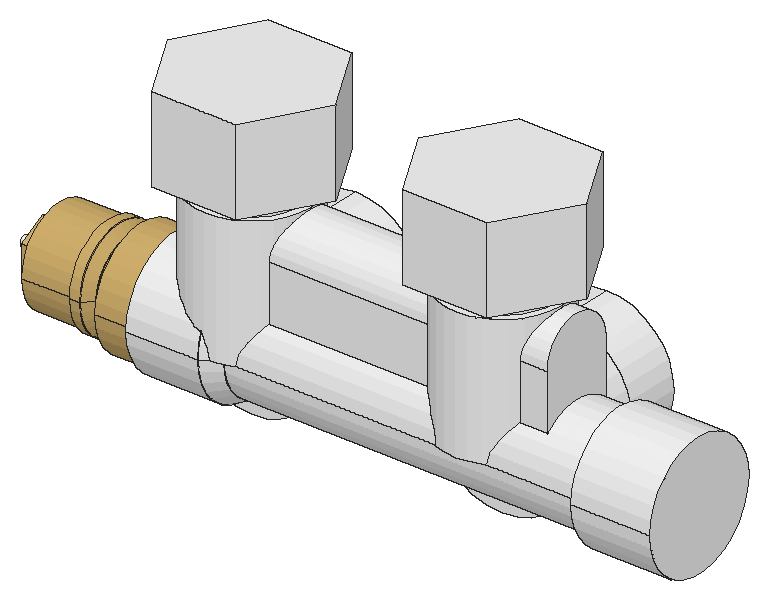
Revit family "VHS-UN_Angle_DN15-20_RFA", category Pipe Accessories, Revit 2019
Family settings
  Round Connector Dimension = Use Diameter
  Part Type = Valve - Breaks Into
  OmniClass Number = 23.65.55.14.17
  OmniClass Title = Adjusting/Controlling Valves for Liquid Services
  Work Plane-Based = No
  Always vertical = Yes
  Cut with Voids When Loaded = No
  Shared = No
Parameters (values of type "VHS-UN_Angle_DN15-20_013G4741")
  Weight = 0.77 kg
  W1 = 13.5 mm
  W2 = 26.0 mm
  W [instance] = 40.506 mm
  Valve Body Material = Danfoss Nickel Plated Brass
  URL = "https://store.danfoss.com/en/Climate-Solutions-for-heating/Radiator-Thermostats/Radiator-Valves/VHS-Valves/Presetting-VHS-valves/c/13834?q=%3Arelevance%3Adanfoss_producttypehierarchydesc%3AVHS-UN&text="
  TH1 = H0 + H2 + H3  # 47.3 mm
  TD2 = RV10 * 2  # 26.4 mm
  TD1 = R_nut * 2  # 33.5 mm
  LC2 = 0.0 mm
  LC1 = 50.0 mm
  RV10 = 13.2 mm
  RV9 = 15.0 mm
  RB1 = 11.7 mm
  RV2 = 12.5 mm
  R_nut = 16.75 mm
  RB2 = 10.3 mm
  RV8 = 1.0 mm
  RV7 = 9.5 mm
  RV6 = 10.0 mm
  RV5 = 8.0 mm
  RV4 = 11.45 mm
  RV3 = 12.25 mm
  RV1 = 10.5 mm
  LL5 = 12.0 mm
  Pressure Drop [instance] = 0.0 Pa
  L [instance] = 134.391 mm
  H4 = 17.0 mm
  Model Type = "VHS-UN_Angle_DN15-20"
  Model = "013G4741"
  Max Operating Pressure = "10 bar"  # constant formula
  Max Medium Temperature = "120 °C"  # constant formula
  Max Differential Pressure = "0.6 bar"  # constant formula
  Manufacturer = "Danfoss"  # constant formula
  L_EQ = 25.0 mm
  LOD 350 = not(LOD 200)  # yes
  LOD 200 = no
  LL4 = -0.45 mm
  LL3 = 8.1 mm
  LL2 = 22.2 mm
  LL1 = 48.4 mm
  L5_ve = -5.0 mm
  L1__ve = -L1  # -3.0 mm
  L4_ve = -L4  # -3.7 mm
  L4 = 3.7 mm
  L2_ve = -L2  # 0.0 mm
  L2 = 0.0 mm
  L3 = 3.4 mm
  L7_ve = -9.891 mm
  L6_ve = -1.5 mm
  L1 = 3.0 mm
  Kvs = 0.57 m³/h
  IfcExportType = "VHS-UN"  # constant formula
  IfcExportAs = "IfcValveType"  # constant formula
  H1 = 26.0 mm
  H6 = 3.6 mm
  H5 = 2.6 mm
  H3 = 3.3 mm
  H2 = 3.0 mm
  H0 = 41.0 mm
  H [instance] = 61.0 mm
  Flow [instance] = 0.0 m³/h
  Description = "Thermostatic H-piece Valve"  # constant formula
  DR = 15 mm
  D = 20.0 mm
  W_nut1 = R_nut * cos(30.00°)  # 14.506 mm
  W_nut2 = 5.196 mm
  LM = 25.0 mm
  HH = 46.0 mm
  Application = "2-pipe system"  # constant formula
Types (2, lengths in mm): name | Weight | Model Type | Model | DR
  VHS-UN_Angle_DN15-20_013G4741 | 0.77 kg | "VHS-UN_Angle_DN15-20" | "013G4741" | 15
  VHS-UN_Angle_DN20-20_013G4743 | 0.70 kg | "VHS-UN_Angle_DN20-20" | "013G4743" | 20
Reference planes
  plane 1 "Center (Front/Back)": y = 0
  plane 2 "XYPLANE": z = 0
  plane 3 "Center (Left/Right)": x = 0
  plane 4 "422": x = -25
  plane 5 "421": x = 25
  plane 6 "383": y = 26
  plane 7 "338": y = 0
  plane 8 "337": z = 0
  plane 9 "322": x = -66.591
  plane 10 "315": x = -66.591
  plane 11 "313": x = -63.191
  plane 12 "291": x = -40
  plane 13 "262": z = 46
  plane 14 "248": z = 47.2
  plane 15 "247": z = 43.6
  plane 16 "234": z = 42.7
  plane 17 "217": z = 46
  plane 18 "216": z = 29
  plane 19 "215": z = 26
  plane 20 "209": y = 0
  plane 21 "208": z = 0
  plane 22 "200": y = 0
  plane 23 "199": z = 0
  plane 24 "187": z = 41
  plane 25 "129": x = -37
  plane 26 "122": y = -12.5
  plane 27 "87": z = -12.5
  plane 28 "79": x = 25
  plane 29 "78": x = -70.291
  plane 30 "77": x = -25
  plane 31 "76": z = 0
  plane 32 "44": y = 0
  plane 33 "334XZ": y = 0
  plane 34 "334YZ": z = 0
  plane 35 "204XZ": y = 0
  plane 36 "204YZ": z = 0
  plane 37 "198XZ": y = 0
  plane 38 "198YZ": z = 0
  plane 39: y = -29
  plane 40: x = 8
  plane 41: x = -8
  plane 42: x = 48.4
  plane 43: x = -22.2
  plane 44: x = -25.8
  plane 45: y = 13.5
  plane 46: z = -15
Forms (mm)
  Extrusion 1, solid, material "Danfoss Nickel Plated Brass" <- "Valve Body Material", detail levels fine
    sketch origin (750, 18, 0) x (-1, 0, 0) y (0, 0, 1)
      loop
        circle (725, 0) r 15
    from -4.5 to -18
  Extrusion 2, solid, material "Danfoss Nickel Plated Brass" <- "Valve Body Material", detail levels fine
    sketch origin (750, 26, 0) x (-1, 0, 0) y (0, 0, 1)
      loop
        circle (725, 0) r 13.2
    from 0 to -12.5
  Extrusion 3, solid, material "Danfoss Nickel Plated Brass" <- "Valve Body Material", detail levels fine
    sketch origin (750, 18, 0) x (-1, 0, 0) y (0, 0, 1)
      loop
        circle (775, 0) r 15
    from -4.5 to -18
  Extrusion 4, solid, material "Danfoss Nickel Plated Brass" <- "Valve Body Material", detail levels fine
    sketch origin (750, 26, 0) x (-1, 0, 0) y (0, 0, 1)
      loop
        circle (775, 0) r 13.2
    from 0 to -12.5
  Extrusion 5, solid, material "Danfoss Nickel Plated Brass" <- "Valve Body Material", detail levels fine
    sketch origin (-66.591, -750, 0) x (0, 1, 0) y (0, 0, 1)
      loop
        circle (750, 0) r 1
    from 0 to -3.7 <- "L4_ve"
  Extrusion 6, solid, material "Danfoss Brass", visible <- "LOD 350", detail levels fine
    sketch origin (-66.591, -750, 0) x (0, 1, 0) y (0, 0, 1)
      loop
        line (750, 6) -> (744.804, 3) -> (744.804, -3) -> (750, -6) -> (755.196, -3) -> (755.196, 3) -> (750, 6)
    from 3.4 to 0 <- "L2_ve"
  Extrusion 7, solid, material "Danfoss Brass", visible <- "LOD 350", detail levels fine
    sketch origin (-51.8, -750, 0) x (0, 1, 0) y (0, 0, 1)
      loop
        circle (750, 0) r 10
    from 0.522 to -1.5 <- "L6_ve"
  Blend 8, solid, material "Danfoss Brass", visible <- "LOD 350", detail levels fine
    base sketch origin (-49.8, -750, 0) x (0, 1, 0) y (0, 0, 1)
      loop
        circle (750, 0) r 8
    top sketch origin (-49.8, -750, 0) x (0, 1, 0) y (0, 0, 1)
      loop
        circle (750, 0) r 10
    from 0.15 to -1.478
  Extrusion 9, solid, material "Danfoss Brass", visible <- "LOD 350", detail levels fine
    sketch origin (-49.2, -750, 0) x (0, 1, 0) y (0, 0, 1)
      loop
        circle (750, 0) r 8
    from 2.2 to -0.45 <- "LL4"
  Extrusion 10, solid, material "Danfoss Brass", visible <- "LOD 350", detail levels fine
    sketch origin (-53.3, -750, 0) x (0, 1, 0) y (0, 0, 1)
      loop
        circle (750, 0) r 9.5
    from 0 to -9.891 <- "L7_ve"
  Extrusion 11, solid, material "Danfoss Nickel Plated Brass" <- "Valve Body Material", visible <- "LOD 350", detail levels fine
    sketch origin (-750, 0, 26) x (1, 0, 0) y (0, 1, 0)
      loop
        circle (775, 0) r 10.3
    from 0 to 3 <- "H2"
  Extrusion 12, solid, material "Danfoss Nickel Plated Brass" <- "Valve Body Material", visible <- "LOD 350", detail levels fine
    sketch origin (-750, 0, 26) x (1, 0, 0) y (0, 1, 0)
      loop
        circle (725, 0) r 10.3
    from 0 to 3 <- "H2"
  Extrusion 13, solid, material "Danfoss Brass", visible <- "LOD 350", detail levels fine
    sketch origin (-42, -750, 0) x (0, 1, 0) y (0, 0, 1)
      loop
        circle (750, 0) r 11.45
    from 2 to -5 <- "L5_ve"
  Extrusion 14, solid, material "Danfoss Nickel Plated Brass" <- "Valve Body Material", detail levels fine
    sketch origin (56, -750, 0) x (0, 1, 0) y (0, 0, 1)
      loop
        circle (750, 0) r 12.25
    from -7.6 to 8.1 <- "LL3"
  Extrusion 15, solid, material "Danfoss Nickel Plated Brass" <- "Valve Body Material", visible <- "LOD 350", detail levels fine
    sketch origin (-37, -750, 0) x (0, 1, 0) y (0, 0, 1)
      loop
        circle (750, 0) r 12.5
    from 11.2 to -3 <- "L1__ve"
  Extrusion 16, solid, material "Danfoss Nickel Plated Brass" <- "Valve Body Material", visible <- "LOD 350", detail levels fine
    sketch origin (-750, 0, 0) x (1, 0, 0) y (0, 1, 0)
      loop
        circle (775, 0) r 11.7
    from 0 to 26 <- "H1"
  Extrusion 17, solid, material "Danfoss Nickel Plated Brass" <- "Valve Body Material", visible <- "LOD 350", detail levels fine
    sketch origin (-750, 0, 29) x (1, 0, 0) y (0, 1, 0)
      loop
        line (766.625, 14.506) -> (758.25, 0) -> (766.625, -14.506) -> (783.375, -14.506) -> (791.75, 0) -> (783.375, 14.506) -> (766.625, 14.506)
    from 0 to 17 <- "H4"
  Extrusion 18, solid, material "Danfoss Nickel Plated Brass" <- "Valve Body Material", visible <- "LOD 350", detail levels fine
    sketch origin (-750, 0, 0) x (1, 0, 0) y (0, 1, 0)
      loop
        circle (725, 0) r 11.7
    from 0 to 26 <- "H1"
  Extrusion 19, solid, material "Danfoss Nickel Plated Brass" <- "Valve Body Material", visible <- "LOD 350", detail levels fine
    sketch origin (-750, 0, 29) x (1, 0, 0) y (0, 1, 0)
      loop
        line (716.625, 14.506) -> (708.25, 0) -> (716.625, -14.506) -> (733.375, -14.506) -> (741.75, 0) -> (733.375, 14.506) -> (716.625, 14.506)
    from 0 to 17 <- "H4"
  Extrusion 20, solid, material "Danfoss Nickel Plated Brass" <- "Valve Body Material", detail levels fine
    sketch origin (-37, -750, 0) x (0, 1, 0) y (0, 0, 1)
      loop
        circle (750, 0) r 10.5
    from 14.8 to 85.4
  Extrusion 21, solid, material "Danfoss Nickel Plated Brass" <- "Valve Body Material", visible <- "LOD 200", detail levels fine
    sketch origin (-750, 0, 29) x (1, 0, 0) y (0, 1, 0)
      loop
        circle (775, 0) r 16.75
      loop
        circle (725, 0) r 16.75
    from 0 to 17
  Extrusion 22, solid, material "Danfoss Nickel Plated Brass" <- "Valve Body Material", visible <- "LOD 350", detail levels fine
    sketch origin (-37, -750, 0) x (0, 1, 0) y (0, 0, 1)
      loop
        line (742.747, 0) -> (757.253, 0) -> (757.253, 18.527)
        arc (757.253, 18.527) -> (750, 25.78) -> (742.747, 18.527) r 7.253
        line (742.747, 18.527) -> (742.747, 0)
    from 12 to 76.709
  Blend 23, solid, material "Danfoss Nickel Plated Brass" <- "Valve Body Material", visible <- "LOD 350", detail levels fine
    base sketch origin (-66.591, -750, 0) x (0, 1, 0) y (0, 0, 1)
      loop
        circle (750, 0) r 10.5
    top sketch origin (-66.591, -750, 0) x (0, 1, 0) y (0, 0, 1)
      loop
        circle (750, 0) r 12.5
    from 44.391 to 40.791
  Extrusion 24, solid, material "Danfoss Nickel Plated Brass" <- "Valve Body Material", visible <- "LOD 200", detail levels fine
    sketch origin (-750, 0, 29) x (1, 0, 0) y (0, 1, 0)
      loop
        circle (725, 0) r 11.7
      loop
        circle (775, 0) r 11.7
    from -29 to 0
  Extrusion 25, solid, material "Danfoss Nickel Plated Brass" <- "Valve Body Material", visible <- "LOD 200", detail levels fine
    sketch origin (-66.591, -750, 0) x (0, 1, 0) y (0, 0, 1)
      loop
        circle (750, 0) r 12.5
    from 26.591 to 44.391
  Revolve 26, solid, material "Danfoss Brass", visible <- "LOD 200", detail levels fine
    sketch origin (0, 0, 0) x (1, 0, 0) y (0, 0, 1)
      loop
        line (-66.591, 0) -> (-40, 0) -> (-40, 11.45) -> (-47, 11.45) -> (-47, 9.5) -> (-66.591, 9.5) -> (-66.591, 0)
      axis (-66.591, 0) -> (-40, 0)
    angle from 0 to 360
Lines and regions (mm)
  reference lines, not visible
    curve 1: circle (2, 2, 0) r 1 normal (0, 0, 1)
  reference lines
    curve 2: line (-66.591, 0, 0) -> (-66.591, 2.598, -1.5)
    curve 3: line (-66.591, 0, 0) -> (-66.591, 0, -3)
    curve 4: line (-66.591, 0, 0) -> (-66.591, -2.598, -1.5)
    curve 5: line (25, 0, 29) -> (33.375, 0, 29)
    curve 6: line (25, 0, 29) -> (29.187, -7.253, 29)
    curve 7: line (25, 0, 29) -> (20.813, -7.253, 29)
    curve 8: line (-25, 0, 29) -> (-16.625, 0, 29)
    curve 9: line (-25, 0, 29) -> (-20.812, -7.253, 29)
    curve 10: line (-25, 0, 29) -> (-29.187, -7.253, 29)
Dimensions and locks
  plane 1 "Center (Front/Back)" to curve 1 = 2.0 mm
  "LC2": plane 30 "77" to plane 4 "422"
  "LC1": plane 30 "77" to plane 5 "421"
  "W2": plane 1 "Center (Front/Back)" to plane 6 "383"
  locked: plane 32 "44" to plane 7 "338"
  locked: plane 31 "76" to plane 8 "337"
  "L2": plane 10 "315" to plane 9 "322"
  "L3": plane 11 "313" to plane 10 "315"
  "L1": plane 25 "129" to plane 12 "291"
  "HH": plane 2 "XYPLANE" to plane 13 "262"
  "H6": plane 15 "247" to plane 14 "248"
  "H5": plane 24 "187" to plane 15 "247"
  "H3": plane 16 "234" to plane 17 "217"
  "H4": plane 18 "216" to plane 17 "217"
  "H2": plane 19 "215" to plane 18 "216"
  "H1": plane 31 "76" to plane 19 "215"
  locked: plane 32 "44" to plane 20 "209"
  locked: plane 31 "76" to plane 21 "208"
  locked: plane 32 "44" to plane 22 "200"
  locked: plane 31 "76" to plane 23 "199"
  "H0": plane 2 "XYPLANE" to plane 24 "187"
  "LL5": plane 30 "77" to plane 25 "129"
  "RV2": plane 1 "Center (Front/Back)" to plane 26 "122"
  "RV2": plane 2 "XYPLANE" to plane 27 "87"
  "LM": plane 3 "Center (Left/Right)" to plane 28 "79"
  "L4": plane 9 "322" to plane 29 "78"
  "LM": plane 3 "Center (Left/Right)" to plane 30 "77"
  locked: plane 2 "XYPLANE" to plane 31 "76"
  locked: plane 1 "Center (Front/Back)" to plane 32 "44"
  "W_nut2": curve 2 to Extrusion 6 sketch curve  (x2)
  "W_nut2": curve 3 to Extrusion 6 sketch curve  (x2)
  "W_nut2": curve 4 to Extrusion 6 sketch curve  (x2)
  Extrusion 6 sketch curve to Extrusion 6 sketch curve = 0.0 mm  (x12)
  "W_nut1": curve 5 to Extrusion 17 sketch curve  (x2)
  "W_nut1": curve 6 to Extrusion 17 sketch curve  (x2)
  "W_nut1": curve 7 to Extrusion 17 sketch curve  (x2)
  Extrusion 17 sketch curve to Extrusion 17 sketch curve = 0.0 mm  (x12)
  "W_nut1": curve 8 to Extrusion 19 sketch curve  (x2)
  "W_nut1": curve 9 to Extrusion 19 sketch curve  (x2)
  "W_nut1": curve 10 to Extrusion 19 sketch curve  (x2)
  Extrusion 19 sketch curve to Extrusion 19 sketch curve = 0.0 mm  (x12)
  "W2": plane 6 "383" to plane 37 "198XZ"
  "L_EQ": plane 3 "Center (Left/Right)" to plane 28 "79"
  "L_EQ": plane 30 "77" to plane 3 "Center (Left/Right)"
  equal spacing: Extrusion 22 sketch curve, plane 37 "198XZ", Extrusion 22 sketch curve
  "LL1": plane 42 to plane 3 "Center (Left/Right)"
  "LL2": plane 3 "Center (Left/Right)" to plane 43
  locked: plane 44 to plane 43 at 3.6
  "W1": plane 45 to plane 1 "Center (Front/Back)"
  "RV4": Revolve 26 sketch curve to level
  "RV7": Revolve 26 sketch curve to level
  "RV9": level to plane 46
  "H": Extrusion 21 to plane 46
  "L": Extrusion 5 to Extrusion 14
  "W": Extrusion 4 to Extrusion 19
  "RV9": radius of Extrusion 1 sketch curve
  "RV10": radius of Extrusion 2 sketch curve
  "RV9": radius of Extrusion 3 sketch curve
  "RV10": radius of Extrusion 4 sketch curve
  "RV8": radius of Extrusion 5 sketch curve
  "RV6": radius of Extrusion 7 sketch curve
  "RV6": radius of Blend 8 sketch curve
  "RV5": radius of Blend 8 sketch curve
  "RV5": radius of Extrusion 9 sketch curve
  "RV7": radius of Extrusion 10 sketch curve
  "RB2": radius of Extrusion 11 sketch curve
  "RB2": radius of Extrusion 12 sketch curve
  "RV4": radius of Extrusion 13 sketch curve
  "RV3": radius of Extrusion 14 sketch curve
  "RV2": radius of Extrusion 15 sketch curve
  "RB1": radius of Extrusion 16 sketch curve
  "RB1": radius of Extrusion 18 sketch curve
  "RV1": radius of Extrusion 20 sketch curve
  "R_nut": radius of Extrusion 21 sketch curve  (x2)
  "RV1": radius of Blend 23 sketch curve
  "RV2": radius of Blend 23 sketch curve
  "RB1": radius of Extrusion 24 sketch curve  (x2)
  "RV2": radius of Extrusion 25 sketch curve
  locked: curve 3 to curve 2 (angle 60.00°)
  locked: curve 4 to curve 3 (angle 60.00°)
  locked: curve 4 to curve 2 (angle 120.00°)
  locked: curve 6 to curve 5 (angle 60.00°)
  locked: curve 7 to curve 6 (angle 60.00°)
  locked: curve 7 to curve 5 (angle 120.00°)
  locked: curve 9 to curve 8 (angle 60.00°)
  locked: curve 10 to curve 9 (angle 60.00°)
  locked: curve 10 to curve 8 (angle 120.00°)
  aligned and locked: level to plane 2 "XYPLANE"
  aligned and locked: Extrusion 1 sketch curve to plane 28 "79"
  aligned and locked: plane 31 "76" to Extrusion 1 sketch curve
  aligned and locked: Extrusion 2 sketch curve to plane 28 "79"
  aligned and locked: plane 31 "76" to Extrusion 2 sketch curve
  aligned and locked: Extrusion 3 sketch curve to plane 30 "77"
  aligned and locked: plane 31 "76" to Extrusion 3 sketch curve
  aligned and locked: Extrusion 4 sketch curve to plane 30 "77"
  aligned and locked: plane 31 "76" to Extrusion 4 sketch curve
  aligned and locked: plane 31 "76" to Extrusion 5 sketch curve
  aligned and locked: Extrusion 5 sketch curve to plane 32 "44"
  aligned and locked: plane 31 "76" to curve 4
  aligned and locked: curve 4 to plane 32 "44"
  aligned and locked: plane 31 "76" to Extrusion 7 sketch curve
  aligned and locked: Extrusion 7 sketch curve to plane 32 "44"
  aligned and locked: plane 31 "76" to Blend 8 sketch curve  (x2)
  aligned and locked: Blend 8 sketch curve to plane 32 "44"  (x2)
  aligned and locked: plane 31 "76" to Extrusion 9 sketch curve
  aligned and locked: Extrusion 9 sketch curve to plane 32 "44"
  aligned and locked: plane 31 "76" to Extrusion 10 sketch curve
  aligned and locked: Extrusion 10 sketch curve to plane 32 "44"
  aligned and locked: plane 28 "79" to Extrusion 11 sketch curve
  aligned and locked: plane 32 "44" to Extrusion 11 sketch curve
  aligned and locked: plane 30 "77" to Extrusion 12 sketch curve
  aligned and locked: plane 32 "44" to Extrusion 12 sketch curve
  aligned and locked: plane 31 "76" to Extrusion 13 sketch curve
  aligned and locked: Extrusion 13 sketch curve to plane 32 "44"
  aligned and locked: plane 31 "76" to Extrusion 14 sketch curve
  aligned and locked: Extrusion 14 sketch curve to plane 32 "44"
  aligned and locked: plane 31 "76" to Extrusion 15 sketch curve
  aligned and locked: Extrusion 15 sketch curve to plane 32 "44"
  aligned and locked: plane 28 "79" to Extrusion 16 sketch curve
  aligned and locked: plane 32 "44" to Extrusion 16 sketch curve
  aligned and locked: plane 28 "79" to curve 7
  aligned and locked: plane 32 "44" to curve 7
  aligned and locked: plane 30 "77" to Extrusion 18 sketch curve
  aligned and locked: plane 32 "44" to Extrusion 18 sketch curve
  aligned and locked: plane 30 "77" to curve 9
  aligned and locked: plane 32 "44" to curve 9
  aligned and locked: plane 31 "76" to Extrusion 20 sketch curve
  aligned and locked: Extrusion 20 sketch curve to plane 32 "44"
  aligned and locked: nested 1 to plane 6 "383"
  aligned and locked: plane 3 "Center (Left/Right)" to nested 1
  aligned and locked: nested 1 to level
  aligned and locked: nested 1 to plane 37 "198XZ"
  aligned and locked: Extrusion 6 to plane 11 "313"
  aligned and locked: Extrusion 6 to plane 10 "315"
  aligned and locked: Extrusion 13 to plane 12 "291"
  aligned and locked: Extrusion 9 to Extrusion 13
  aligned and locked: plane 6 "383" to Extrusion 4
  aligned and locked: Extrusion 22 sketch curve to level
  aligned and locked: Extrusion 20 to plane 42
  aligned and locked: Extrusion 20 to plane 43
  aligned and locked: Extrusion 15 to plane 44
  aligned and locked: Blend 23 to plane 44
  aligned and locked: Blend 23 to plane 43
  aligned and locked: Extrusion 14 to plane 42
  aligned and locked: Blend 8 to Extrusion 9
  aligned and locked: Blend 8 to Extrusion 7
  aligned and locked: Extrusion 10 to Extrusion 7
  aligned and locked: plane 1 "Center (Front/Back)" to Extrusion 3
  aligned and locked: Extrusion 3 to plane 45
  aligned and locked: plane 1 "Center (Front/Back)" to Extrusion 1
  aligned and locked: Extrusion 1 to plane 45
  aligned and locked: Extrusion 4 to plane 45
  aligned and locked: plane 6 "383" to Extrusion 2
  aligned and locked: Extrusion 2 to plane 45
  aligned and locked: plane 17 "217" to Extrusion 21
  aligned and locked: Extrusion 22 to plane 30 "77"
  aligned and locked: Extrusion 24 to level
  aligned and locked: plane 18 "216" to Extrusion 24
  aligned and locked: plane 1 "Center (Front/Back)" to Extrusion 25 sketch curve
  aligned and locked: level to Extrusion 25 sketch curve
  aligned and locked: Extrusion 25 to plane 12 "291"
  aligned and locked: Extrusion 25 to plane 43
  aligned and locked: level to Revolve 26 sketch curve  (x2)
  aligned and locked: Extrusion 25 to Revolve 26 sketch curve
  aligned and locked: Revolve 26 sketch curve to Extrusion 13
  aligned and locked: plane 10 "315" to Revolve 26 sketch curve
Automatic sketch dimensions
  plane 3 "Center (Left/Right)" to curve 1 = 2.0 mm
  plane 26 "122" to Extrusion 22 sketch curve = 5.247 mm
  Extrusion 22 sketch curve to plane 19 "215" = 7.473 mm
  plane 1 "Center (Front/Back)" to Extrusion 21 sketch curve = 0.0 mm  (x2)
  Extrusion 21 sketch curve to plane 4 "422" = 0.0 mm
  Extrusion 21 sketch curve to plane 5 "421" = 0.0 mm
  Blend 23 sketch curve to level = 0.0 mm  (x2)
  Blend 23 sketch curve to plane 1 "Center (Front/Back)" = 0.0 mm  (x2)
  plane 1 "Center (Front/Back)" to Extrusion 24 sketch curve = 0.0 mm  (x2)
  Extrusion 24 sketch curve to plane 4 "422" = 0.0 mm
  Extrusion 24 sketch curve to plane 5 "421" = 0.0 mm
  Revolve 26 sketch curve to plane 29 "78" = 1281.7 mm
  Revolve 26 sketch curve to plane 42 = 1850.583 mm
  radius of curve 1 = 1.0 mm
Nested families
  nested 1: "Schematic_H-piece Valve Angle" at (0, 0, 0), type "Schematic_H-piece Valve Angle", detail levels coarse+medium
Connectors
  piping at (-25, 26, 0), diameter 20, driven by "D", driven by "Flow"
    settings: on Extrusion 4, index 4, connector inside diameter 609.6 mm, connector length 0.0 mm, flow factor 0, pipe flow 0.0 m³/h, pressure drop 0.0 Pa, fitting loss kfactor 0, connector angle 0.00°, fixture units 0, engagement length 0.0 mm, angle of deflection 0.00°, flow configuration 0, flow direction 1, fitting loss method 0, system type 29, joint type 0, gender type 0, connector reference index 6, connector utility 0, adjustable connector no, is connector primary yes, connector description ""
  piping at (25, 26, 0), diameter 20, driven by "D", driven by "Flow"
    settings: on Extrusion 2, index 5, connector inside diameter 609.6 mm, connector length 0.0 mm, flow factor 0, pipe flow 0.0 m³/h, pressure drop 0.0 Pa, fitting loss kfactor 0, connector angle 0.00°, fixture units 0, engagement length 0.0 mm, angle of deflection 0.00°, flow configuration 0, flow direction 2, fitting loss method 0, system type 29, joint type 0, gender type 0, connector reference index 7, connector utility 0, adjustable connector no, is connector primary no, connector description ""
  piping at (-25, 0, 46), diameter 15, driven by "DR", driven by "Flow"
    settings: on Extrusion 19, index 6, connector inside diameter 609.6 mm, connector length 0.0 mm, flow factor 0, pipe flow 0.0 m³/h, pressure drop 0.0 Pa, fitting loss kfactor 0, connector angle 0.00°, fixture units 0, engagement length 0.0 mm, angle of deflection 0.00°, flow configuration 0, flow direction 2, fitting loss method 0, system type 29, joint type 0, gender type 0, connector reference index 4, connector utility 0, adjustable connector no, is connector primary no, connector description ""
  piping at (25, 0, 46), diameter 15, driven by "DR", driven by "Flow"
    settings: on Extrusion 17, index 7, connector inside diameter 609.6 mm, connector length 0.0 mm, flow factor 0, pipe flow 0.0 m³/h, pressure drop 0.0 Pa, fitting loss kfactor 0, connector angle 0.00°, fixture units 0, engagement length 0.0 mm, angle of deflection 0.00°, flow configuration 0, flow direction 1, fitting loss method 0, system type 29, joint type 0, gender type 0, connector reference index 5, connector utility 0, adjustable connector no, is connector primary no, connector description ""
Definition of nested family "Schematic_H-piece Valve Angle"
  Parameters (values of type "Schematic_H-piece Valve with Pressure Controller_Angle")
    W1 = 26.0 mm
    L_EQ = 25.0 mm
    L1 = D / 4  # 8.375 mm
    L = 53.0 mm
    H1 = 49.3 mm
    D2 = 26.4 mm
    D = 33.5 mm
  Reference planes
    plane 1 "Center (Front/Back)": y = 0
    plane 2: z = 0
    plane 3 "Center (Left/Right)": x = 0
    plane 4 "Centre/Right": x = 25
    plane 5 "Centre/Left": x = -25
    plane 6 "D_1": x = -41.75
    plane 7 "M1": x = 8.25
    plane 8 "D": x = 41.75
    plane 9 "M2": x = -8.25
    plane 10: z = -13.2
    plane 11: z = 49.3
    plane 12: z = 13.2
    plane 13: z = -13.2
    plane 14 "H1": x = 50.125
    plane 15 "H1_1": x = -50.125
    plane 16: y = 16.75
    plane 17: y = -16.75
    plane 18: y = 26
    plane 19 "Cente controller R": x = 53
    plane 20 "Centre Controller L": x = -53
    plane 21: y = -26
  Lines and regions (mm)
    model lines
      curve 1: line (25, 0, 0) -> (25, -16.75, 49.3)
      curve 2: line (25, -16.75, 49.3) -> (25, 16.75, 49.3)
      curve 3: line (25, 16.75, 49.3) -> (25, 0, 0)
      curve 4: line (-25, 16.75, 49.3) -> (-25, 0, 0)
      curve 5: line (-25, -16.75, 49.3) -> (-25, 16.75, 49.3)
      curve 6: line (-25, 0, 0) -> (-25, -16.75, 49.3)
      curve 7: line (25, 0, 0) -> (25, 26, 13.2)
      curve 8: line (25, 26, 13.2) -> (25, 26, -13.2)
      curve 9: line (25, 26, -13.2) -> (25, 0, 0)
      curve 10: line (-25, 0, 0) -> (-25, 26, 13.2)
      curve 11: line (-25, 26, 13.2) -> (-25, 26, -13.2)
      curve 12: line (-25, 26, -13.2) -> (-25, 0, 0)
    symbolic lines
      curve 13: line (8.25, 0, 49.3) -> (25, 0, 0)
      curve 14: line (41.75, 0, 49.3) -> (25, 0, 0)
      curve 15: line (41.75, 0, 49.3) -> (8.25, 0, 49.3)
      curve 16: line (-41.75, 0, 49.3) -> (-25, 0, 0)
      curve 17: line (-25, 0, 0) -> (-8.25, 0, 49.3)
      curve 18: line (-8.25, 0, 49.3) -> (-41.75, 0, 49.3)
      curve 19: line (-25, 0, 0) -> (-41.75, 26, 0)
      curve 20: line (-41.75, 26, 0) -> (-8.25, 26, 0)
      curve 21: line (-8.25, 26, 0) -> (-25, 0, 0)
      curve 22: line (25, 0, 0) -> (8.25, 26, 0)
      curve 23: line (8.25, 26, 0) -> (41.75, 26, 0)
      curve 24: line (41.75, 26, 0) -> (25, 0, 0)
  Dimensions and locks
    "D": plane 8 "D" to plane 7 "M1"
    equal spacing: plane 8 "D", plane 4 "Centre/Right", plane 7 "M1"
    "D": plane 9 "M2" to plane 6 "D_1"
    equal spacing: plane 9 "M2", plane 5 "Centre/Left", plane 6 "D_1"
    "L1": plane 14 "H1" to plane 8 "D"
    "L1": plane 6 "D_1" to plane 15 "H1_1"
    "D": plane 17 to plane 16
    equal spacing: plane 17, plane 1 "Center (Front/Back)", plane 16
    plane 17 to plane 16 = 33.5 mm
    "W1": plane 1 "Center (Front/Back)" to plane 18
    "D2": plane 12 to plane 13
    plane 12 to level to plane 13 = 13.2 mm, 13.2 mm
    "H1": plane 11 to level
    "D2": plane 12 to plane 10
    equal spacing: plane 12, level, plane 13
    "L": plane 19 "Cente controller R" to plane 3 "Center (Left/Right)"
    "L": plane 3 "Center (Left/Right)" to plane 20 "Centre Controller L"
    "W1": plane 21 to plane 1 "Center (Front/Back)"
    "L_EQ": plane 4 "Centre/Right" to plane 3 "Center (Left/Right)"
    "L_EQ": plane 3 "Center (Left/Right)" to plane 5 "Centre/Left"
    "L_EQ": plane 3 "Center (Left/Right)" to plane 4 "Centre/Right"
    "L_EQ": plane 5 "Centre/Left" to plane 3 "Center (Left/Right)"
    aligned and locked: level to plane 2
    aligned and locked: curve 2 to plane 11
    aligned and locked: curve 4 to curve 3
    aligned and locked: curve 5 to curve 2
    aligned and locked: curve 6 to curve 1
    aligned and locked: plane 18 to curve 8
    aligned and locked: curve 11 to plane 18
  Automatic sketch dimensions
    curve 22 to plane 4 "Centre/Right" = 0.0 mm
    curve 23 to plane 8 "D" = 0.0 mm
    curve 16 to plane 6 "D_1" = 0.0 mm
    curve 17 to plane 9 "M2" = 0.0 mm
    curve 15 to plane 8 "D" = 0.0 mm
    curve 13 to plane 7 "M1" = 0.0 mm
    curve 13 to plane 4 "Centre/Right" = 0.0 mm
    curve 14 to level = 0.0 mm
    curve 15 to plane 11 = 0.0 mm
    curve 16 to level = 0.0 mm
    curve 17 to plane 5 "Centre/Left" = 0.0 mm
    curve 16 to plane 11 = 0.0 mm
    curve 20 to plane 6 "D_1" = 0.0 mm
    curve 20 to plane 9 "M2" = 0.0 mm
    plane 1 "Center (Front/Back)" to curve 21 = 0.0 mm
    curve 21 to plane 5 "Centre/Left" = 0.0 mm
    curve 22 to plane 7 "M1" = 0.0 mm
    plane 1 "Center (Front/Back)" to curve 24 = 0.0 mm
    plane 18 to curve 21 = 0.0 mm
    plane 18 to curve 22 = 0.0 mm
    curve 11 to plane 10 = 0.0 mm
    curve 10 to plane 12 = 0.0 mm
    curve 2 to plane 17 = 0.0 mm
    curve 7 to plane 1 "Center (Front/Back)" = 0.0 mm
    curve 3 to plane 16 = 0.0 mm
    curve 8 to plane 10 = 0.0 mm
    curve 7 to plane 12 = 0.0 mm
    curve 3 to level = 0.0 mm
